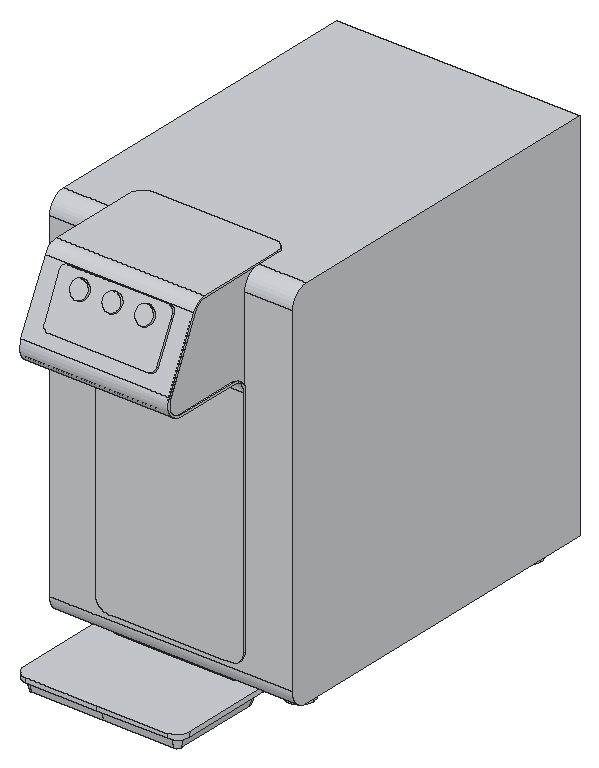
Revit family "DSBS130UVPC", category Plumbing Fixtures, Revit 2019
Family settings
  Round Connector Dimension = Use Diameter
  Part Type = Normal
  OmniClass Number = 23.45.00.00
  OmniClass Title = Sanitary, Laundry, and Cleaning Equipment
  Work Plane-Based = No
  Always vertical = Yes
  Cut with Voids When Loaded = No
  Shared = No
  Room Calculation Point = No
Parameters (values of type "DSBS130UVPC")
  Volts/Hertz = "115V/60Hz"
  Refrigerant Gas = "R134a"
  Power Consumption = "1000 W"
  Model = "DSB130UVPC"
  Manufacturer = "ELKAY"
  Hot Water Tank Capacity = ".265 gallons"
  Heater Rating = "1000 W"
  Filters = "WSF6000R"
  Description = "BLUBAR COUNTERTOP"
  Cooling Capacity = "1.5 GPH"
  BODY = Metal - Stainless Steel
Reference planes (in)
  plane 1 "Center (Front/Back)": y = 0
  plane 2: z = 0
  plane 3 "Center (Left/Right)": x = 0
Forms (in)
  Extrusion 1, solid
    sketch origin (0, 0, 0) x (1, 0, 0) y (0, 1, 0)
      loop
        circle (-4.06474, -2.15584) r 0.57
      loop
        circle (4.06474, -2.15584) r 0.57
      loop
        circle (-4.06474, 9.84416) r 0.57
      loop
        circle (4.06474, 9.84416) r 0.57
    from 0 to 0.53
  Extrusion 2, solid
    sketch origin (3.92258, -13.37925, 0) x (0, -1, 0) y (0, 0, -1)
      loop
        arc (-9.51999, -1.28) -> (-9.73966, -0.74967) -> (-10.26999, -0.53) r 0.75
        line (-10.26999, -0.53) -> (-24.64499, -0.53) -> (-24.64499, -16.405) -> (-10.26999, -16.405)
        arc (-10.26999, -16.405) -> (-9.73966, -16.18533) -> (-9.51999, -15.655) r 0.75
        line (-9.51999, -15.655) -> (-9.51999, -1.28)
    from -9.04758 to 1.20242
  Extrusion 3, solid
    sketch origin (3.9654, 13.58074, 0) x (0, -1, 0) y (0, 0, -1)
      loop
        line (16.6275, -16.405) -> (19.5481, -16.405)
        arc (19.5481, -16.405) -> (19.88012, -16.30951) -> (20.1107, -16.05223) r 0.625
        line (20.1107, -16.05223) -> (21.38086, -13.42723)
        arc (21.38086, -13.42723) -> (21.34777, -12.82297) -> (20.81826, -12.53) r 0.625
        line (20.81826, -12.53) -> (18.065, -12.53)
        arc (18.065, -12.53) -> (17.62306, -12.34694) -> (17.44, -11.905) r 0.625
        line (17.44, -11.905) -> (17.44, -15.5925)
        arc (17.44, -15.5925) -> (17.20202, -16.16702) -> (16.6275, -16.405) r 0.8125
    from -7.0279 to -0.9029
  Extrusion 4, solid
    sketch origin (5.0675, 13.58074, 0) x (0, -1, 0) y (0, 0, -1)
      loop
        line (15.19, -16.405) -> (15.19, -16.4675) -> (19.5481, -16.4675)
        arc (19.5481, -16.4675) -> (19.91333, -16.36246) -> (20.16696, -16.07945) r 0.6875
        line (20.16696, -16.07945) -> (21.43712, -13.45445)
        arc (21.43712, -13.45445) -> (21.40072, -12.78977) -> (20.81826, -12.4675) r 0.6875
        line (20.81826, -12.4675) -> (18.065, -12.4675)
        arc (18.065, -12.4675) -> (17.66725, -12.30275) -> (17.5025, -11.905) r 0.5625
        line (17.5025, -11.905) -> (17.5025, -1.53) -> (17.44, -1.53) -> (17.44, -11.905)
        arc (17.44, -11.905) -> (17.62306, -12.34694) -> (18.065, -12.53) r 0.625
        line (18.065, -12.53) -> (20.81826, -12.53)
        arc (20.81826, -12.53) -> (21.34777, -12.82297) -> (21.38086, -13.42723) r 0.625
        line (21.38086, -13.42723) -> (20.1107, -16.05223)
        arc (20.1107, -16.05223) -> (19.88012, -16.30951) -> (19.5481, -16.405) r 0.625
        line (19.5481, -16.405) -> (15.19, -16.405)
    from -8.1925 to -1.9425
  Extrusion 5, void
    sketch origin (0, 0, 0) x (1, 0, 0) y (0, 1, 0)
      loop
        line (-2.5625, -1.60926) -> (-2.5625, -1.35926) -> (-3.31095, -1.35926) -> (-3.31095, -2.17176) -> (-3.125, -2.17176)
        arc (-3.125, -2.17176) -> (-2.96025, -1.77402) -> (-2.5625, -1.60926) r 0.5625
      loop
        arc (2.5625, -1.60926) -> (2.96025, -1.77402) -> (3.125, -2.17176) r 0.5625
        line (3.125, -2.17176) -> (3.31095, -2.17176) -> (3.31095, -1.35926) -> (2.5625, -1.35926) -> (2.5625, -1.60926)
    from 16.405 to 16.58746
  Extrusion 6, void
    sketch origin (5.0675, -3.92176, 12.53) x (0, 0, 1) y (1, 0, 0)
      loop
        arc (-10.4375, -8.1925) -> (-10.83525, -8.02775) -> (-11, -7.63) r 0.5625
        line (-11, -7.63) -> (-11, -7.33323) -> (-11.14016, -7.33323) -> (-11.14016, -8.4425) -> (-10.05481, -8.4425) -> (-10.05481, -8.1925) -> (-10.4375, -8.1925)
      loop
        line (-10.4375, -1.9425) -> (-10.05481, -1.9425) -> (-10.05481, -1.6925) -> (-11.14016, -1.6925) -> (-11.14016, -2.80177) -> (-11, -2.80177) -> (-11, -2.505)
        arc (-11, -2.505) -> (-10.83525, -2.10725) -> (-10.4375, -1.9425) r 0.5625
    from 0.0625 to -0.45053
  Extrusion 7, solid
    sketch origin (5.0675, -6.4244, 16.41387) x (0, -0.435561, -0.900159) y (1, 0, 0)
      loop
        arc (0.37639, -7.1925) -> (0.44961, -7.36928) -> (0.62639, -7.4425) r 0.25
        line (0.62639, -7.4425) -> (2.50139, -7.4425)
        arc (2.50139, -7.4425) -> (2.67817, -7.36928) -> (2.75139, -7.1925) r 0.25
        line (2.75139, -7.1925) -> (2.75139, -2.9425)
        arc (2.75139, -2.9425) -> (2.67817, -2.76572) -> (2.50139, -2.6925) r 0.25
        line (2.50139, -2.6925) -> (0.62639, -2.6925)
        arc (0.62639, -2.6925) -> (0.44961, -2.76572) -> (0.37639, -2.9425) r 0.25
        line (0.37639, -2.9425) -> (0.37639, -7.1925)
    from 0 to 0.0625
  Extrusion 8, solid
    sketch origin (5.87801, -6.37516, 16.65913) x (0, -0.435561, -0.900159) y (1, 0, 0)
      loop
        circle (1.24703, -5.876) r 0.375
    from 0 to 0.09375
  Extrusion 9, solid
    sketch origin (7.25301, -6.37516, 16.65913) x (0, -0.435561, -0.900159) y (1, 0, 0)
      loop
        circle (1.24703, -5.876) r 0.375
    from 0 to 0.09375
  Extrusion 10, solid
    sketch origin (3.9654, -3.85926, 12.53) x (-1, 0, 0) y (0, 1, 0)
      loop
        circle (3.9654, -2.00163) r 0.5
    from 0 to 0.3578
  Extrusion 11, solid
    sketch origin (11.3125, 3.4197, 0.49295) x (1, 0, 0) y (0, 1, 0)
      loop
        line (-11.3125, -7.05562) -> (-13.8125, -7.05562)
        arc (-13.8125, -7.05562) -> (-13.90089, -7.01901) -> (-13.9375, -6.93062) r 0.125
        line (-13.9375, -6.93062) -> (-13.9375, -6.80562)
        arc (-13.9375, -6.80562) -> (-13.97411, -6.71723) -> (-14.0625, -6.68062) r 0.125
        line (-14.0625, -6.68062) -> (-14.6875, -6.68062)
        arc (-14.6875, -6.68062) -> (-14.77589, -6.71723) -> (-14.8125, -6.80562) r 0.125
        line (-14.8125, -6.80562) -> (-14.8125, -10.68062)
        arc (-14.8125, -10.68062) -> (-14.66605, -11.03417) -> (-14.3125, -11.18062) r 0.5
        line (-14.3125, -11.18062) -> (-11.3125, -11.18062) -> (-8.3125, -11.18062)
        arc (-8.3125, -11.18062) -> (-7.95895, -11.03417) -> (-7.8125, -10.68062) r 0.5
        line (-7.8125, -10.68062) -> (-7.8125, -6.80562)
        arc (-7.8125, -6.80562) -> (-7.84911, -6.71723) -> (-7.9375, -6.68062) r 0.125
        line (-7.9375, -6.68062) -> (-8.5625, -6.68062)
        arc (-8.5625, -6.68062) -> (-8.65089, -6.71723) -> (-8.6875, -6.80562) r 0.125
        line (-8.6875, -6.80562) -> (-8.6875, -6.93062)
        arc (-8.6875, -6.93062) -> (-8.72411, -7.01901) -> (-8.8125, -7.05562) r 0.125
        line (-8.8125, -7.05562) -> (-11.3125, -7.05562)
    from 0 to 0.1875
  Blend 12, solid
    base sketch origin (11.3125, 3.4197, 0.49295) x (1, 0, 0) y (0, 1, 0)
      loop
        arc (-13.8125, -7.24312) -> (-14.01708, -7.16685) -> (-14.12179, -6.97526) r 0.3125
        arc (-14.12179, -6.97526) -> (-14.16368, -6.89863) -> (-14.24551, -6.86812) r 0.125
        line (-14.24551, -6.86812) -> (-14.5, -6.86812)
        arc (-14.5, -6.86812) -> (-14.58839, -6.90473) -> (-14.625, -6.99312) r 0.125
        line (-14.625, -6.99312) -> (-14.625, -10.68062)
        arc (-14.625, -10.68062) -> (-14.53347, -10.90159) -> (-14.3125, -10.99312) r 0.3125
        line (-14.3125, -10.99312) -> (-11.3125, -10.99312) -> (-8.3125, -10.99312)
        arc (-8.3125, -10.99312) -> (-8.09153, -10.90159) -> (-8, -10.68062) r 0.3125
        line (-8, -10.68062) -> (-8, -6.99312)
        arc (-8, -6.99312) -> (-8.03661, -6.90473) -> (-8.125, -6.86812) r 0.125
        line (-8.125, -6.86812) -> (-8.37949, -6.86812)
        arc (-8.37949, -6.86812) -> (-8.46132, -6.89863) -> (-8.50321, -6.97526) r 0.125
        arc (-8.50321, -6.97526) -> (-8.60792, -7.16685) -> (-8.8125, -7.24312) r 0.3125
        line (-8.8125, -7.24312) -> (-11.3125, -7.24312) -> (-13.8125, -7.24312)
    top sketch origin (11.3125, 3.4197, 0.49295) x (1, 0, 0) y (0, 1, 0)
      loop
        line (-14.5, -7.11812) -> (-14.5, -10.68062)
        arc (-14.5, -10.68062) -> (-14.44508, -10.8132) -> (-14.3125, -10.86812) r 0.1875
        line (-14.3125, -10.86812) -> (-11.3125, -10.86812) -> (-8.3125, -10.86812)
        arc (-8.3125, -10.86812) -> (-8.17992, -10.8132) -> (-8.125, -10.68062) r 0.1875
        line (-8.125, -10.68062) -> (-8.125, -7.11812)
        arc (-8.125, -7.11812) -> (-8.16161, -7.02973) -> (-8.25, -6.99312) r 0.125
        line (-8.25, -6.99312) -> (-8.28217, -6.99312)
        arc (-8.28217, -6.99312) -> (-8.35434, -7.01606) -> (-8.40002, -7.07645) r 0.125
        arc (-8.40002, -7.07645) -> (-8.55991, -7.28784) -> (-8.8125, -7.36812) r 0.4375
        line (-8.8125, -7.36812) -> (-11.3125, -7.36812) -> (-13.8125, -7.36812)
        arc (-13.8125, -7.36812) -> (-14.06509, -7.28784) -> (-14.22498, -7.07645) r 0.4375
        arc (-14.22498, -7.07645) -> (-14.27066, -7.01606) -> (-14.34283, -6.99312) r 0.125
        line (-14.34283, -6.99312) -> (-14.375, -6.99312)
        arc (-14.375, -6.99312) -> (-14.46339, -7.02973) -> (-14.5, -7.11812) r 0.125
    from 0 to -0.49295
  Extrusion 13, solid
    sketch origin (4.50499, -6.37516, 16.65913) x (0, -0.435561, -0.900159) y (1, 0, 0)
      loop
        circle (1.24703, -5.876) r 0.375
    from 0 to 0.09375
Cuts and joins
  Extrusion 5 cuts Extrusion 1
  Extrusion 5, Extrusion 6 cuts Extrusion 2
  Extrusion 5, Extrusion 6 cuts Extrusion 4
Lines and regions (in)
  reference lines
    curve 1: line (0, 16.08074, 0) -> (0, -17.41926, 0)
    curve 2: line (0, 16.08074, 0.53) -> (0, -17.41926, 0.53)
    curve 3: line (-13.75, 0, 17.43) -> (14.25, 0, 17.43)
    curve 4: line (-2.3485, 0, 15.73) -> (-2.3485, 0, 23.98)
    curve 5: line (2.3715, 0, 15.23) -> (2.3715, 0, 23.98)
    curve 6: line (0, -2.91926, 19.23) -> (0, -2.91926, 21.73)
    curve 7: line (0, 15.42701, 19.76) -> (0, -18.07299, 19.76)
  model lines
    curve 8: line (-5.13, 8.73443, 1.50825) -> (-5.13, 8.73443, 3.35225)
    curve 9: line (-5.13, 8.59693, 3.41475) -> (-5.13, 8.67193, 3.41475)
    curve 10: line (-5.13, 8.59693, 1.44575) -> (-5.13, 8.67193, 1.44575)
    curve 11: line (-5.13, 8.53443, 1.50825) -> (-5.13, 8.53443, 3.35225)
    curve 12: arc (-5.13, 8.59693, 3.41475) -> (-5.13, 8.55273, 3.39644) -> (-5.13, 8.53443, 3.35225) r 0.0625
    curve 13: arc (-5.13, 8.67193, 3.41475) -> (-5.13, 8.71612, 3.39644) -> (-5.13, 8.73443, 3.35225) r 0.0625
    curve 14: arc (-5.13, 8.53443, 1.50825) -> (-5.13, 8.55273, 1.46406) -> (-5.13, 8.59693, 1.44575) r 0.0625
    curve 15: arc (-5.13, 8.67193, 1.44575) -> (-5.13, 8.71612, 1.46406) -> (-5.13, 8.73443, 1.50825) r 0.0625
    curve 16: line (-5.13, 8.31443, 1.50825) -> (-5.13, 8.31443, 3.35225)
    curve 17: line (-5.13, 8.17693, 3.41475) -> (-5.13, 8.25193, 3.41475)
    curve 18: line (-5.13, 8.17693, 1.44575) -> (-5.13, 8.25193, 1.44575)
    curve 19: line (-5.13, 8.11443, 1.50825) -> (-5.13, 8.11443, 3.35225)
    curve 20: arc (-5.13, 8.17693, 3.41475) -> (-5.13, 8.13273, 3.39644) -> (-5.13, 8.11443, 3.35225) r 0.0625
    curve 21: arc (-5.13, 8.25193, 3.41475) -> (-5.13, 8.29612, 3.39644) -> (-5.13, 8.31443, 3.35225) r 0.0625
    curve 22: arc (-5.13, 8.11443, 1.50825) -> (-5.13, 8.13273, 1.46406) -> (-5.13, 8.17693, 1.44575) r 0.0625
    curve 23: arc (-5.13, 8.25193, 1.44575) -> (-5.13, 8.29612, 1.46406) -> (-5.13, 8.31443, 1.50825) r 0.0625
    curve 24: line (-5.13, 7.89443, 1.50825) -> (-5.13, 7.89443, 3.35225)
    curve 25: line (-5.13, 7.75693, 3.41475) -> (-5.13, 7.83193, 3.41475)
    curve 26: line (-5.13, 7.75693, 1.44575) -> (-5.13, 7.83193, 1.44575)
    curve 27: line (-5.13, 7.69443, 1.50825) -> (-5.13, 7.69443, 3.35225)
    curve 28: arc (-5.13, 7.75693, 3.41475) -> (-5.13, 7.71273, 3.39644) -> (-5.13, 7.69443, 3.35225) r 0.0625
    curve 29: arc (-5.13, 7.83193, 3.41475) -> (-5.13, 7.87612, 3.39644) -> (-5.13, 7.89443, 3.35225) r 0.0625
    curve 30: arc (-5.13, 7.69443, 1.50825) -> (-5.13, 7.71273, 1.46406) -> (-5.13, 7.75693, 1.44575) r 0.0625
    curve 31: arc (-5.13, 7.83193, 1.44575) -> (-5.13, 7.87612, 1.46406) -> (-5.13, 7.89443, 1.50825) r 0.0625
    curve 32: line (-5.13, 7.47443, 1.50825) -> (-5.13, 7.47443, 3.35225)
    curve 33: line (-5.13, 7.33693, 3.41475) -> (-5.13, 7.41193, 3.41475)
    curve 34: line (-5.13, 7.33693, 1.44575) -> (-5.13, 7.41193, 1.44575)
    curve 35: line (-5.13, 7.27443, 1.50825) -> (-5.13, 7.27443, 3.35225)
    curve 36: arc (-5.13, 7.33693, 3.41475) -> (-5.13, 7.29273, 3.39644) -> (-5.13, 7.27443, 3.35225) r 0.0625
    curve 37: arc (-5.13, 7.41193, 3.41475) -> (-5.13, 7.45612, 3.39644) -> (-5.13, 7.47443, 3.35225) r 0.0625
    curve 38: arc (-5.13, 7.27443, 1.50825) -> (-5.13, 7.29273, 1.46406) -> (-5.13, 7.33693, 1.44575) r 0.0625
    curve 39: arc (-5.13, 7.41193, 1.44575) -> (-5.13, 7.45612, 1.46406) -> (-5.13, 7.47443, 1.50825) r 0.0625
    curve 40: line (-5.13, 7.05443, 1.50825) -> (-5.13, 7.05443, 3.35225)
    curve 41: line (-5.13, 6.91693, 3.41475) -> (-5.13, 6.99193, 3.41475)
    curve 42: line (-5.13, 6.91693, 1.44575) -> (-5.13, 6.99193, 1.44575)
    curve 43: line (-5.13, 6.85443, 1.50825) -> (-5.13, 6.85443, 3.35225)
    curve 44: arc (-5.13, 6.91693, 3.41475) -> (-5.13, 6.87273, 3.39644) -> (-5.13, 6.85443, 3.35225) r 0.0625
    curve 45: arc (-5.13, 6.99193, 3.41475) -> (-5.13, 7.03612, 3.39644) -> (-5.13, 7.05443, 3.35225) r 0.0625
    curve 46: arc (-5.13, 6.85443, 1.50825) -> (-5.13, 6.87273, 1.46406) -> (-5.13, 6.91693, 1.44575) r 0.0625
    curve 47: arc (-5.13, 6.99193, 1.44575) -> (-5.13, 7.03612, 1.46406) -> (-5.13, 7.05443, 1.50825) r 0.0625
    curve 48: line (-5.13, 6.63443, 1.50825) -> (-5.13, 6.63443, 3.35225)
    curve 49: line (-5.13, 6.49693, 3.41475) -> (-5.13, 6.57193, 3.41475)
    curve 50: line (-5.13, 6.49693, 1.44575) -> (-5.13, 6.57193, 1.44575)
    curve 51: line (-5.13, 6.43443, 1.50825) -> (-5.13, 6.43443, 3.35225)
    curve 52: arc (-5.13, 6.49693, 3.41475) -> (-5.13, 6.45273, 3.39644) -> (-5.13, 6.43443, 3.35225) r 0.0625
    curve 53: arc (-5.13, 6.57193, 3.41475) -> (-5.13, 6.61612, 3.39644) -> (-5.13, 6.63443, 3.35225) r 0.0625
    curve 54: arc (-5.13, 6.43443, 1.50825) -> (-5.13, 6.45273, 1.46406) -> (-5.13, 6.49693, 1.44575) r 0.0625
    curve 55: arc (-5.13, 6.57193, 1.44575) -> (-5.13, 6.61612, 1.46406) -> (-5.13, 6.63443, 1.50825) r 0.0625
    curve 56: line (-5.13, 6.21443, 1.50825) -> (-5.13, 6.21443, 3.35225)
    curve 57: line (-5.13, 6.07693, 3.41475) -> (-5.13, 6.15193, 3.41475)
    curve 58: line (-5.13, 6.07693, 1.44575) -> (-5.13, 6.15193, 1.44575)
    curve 59: line (-5.13, 6.01443, 1.50825) -> (-5.13, 6.01443, 3.35225)
    curve 60: arc (-5.13, 6.07693, 3.41475) -> (-5.13, 6.03273, 3.39644) -> (-5.13, 6.01443, 3.35225) r 0.0625
    curve 61: arc (-5.13, 6.15193, 3.41475) -> (-5.13, 6.19612, 3.39644) -> (-5.13, 6.21443, 3.35225) r 0.0625
    curve 62: arc (-5.13, 6.01443, 1.50825) -> (-5.13, 6.03273, 1.46406) -> (-5.13, 6.07693, 1.44575) r 0.0625
    curve 63: arc (-5.13, 6.15193, 1.44575) -> (-5.13, 6.19612, 1.46406) -> (-5.13, 6.21443, 1.50825) r 0.0625
    curve 64: line (-5.13, 5.79443, 1.50825) -> (-5.13, 5.79443, 3.35225)
    curve 65: line (-5.13, 5.65693, 3.41475) -> (-5.13, 5.73193, 3.41475)
    curve 66: line (-5.13, 5.65693, 1.44575) -> (-5.13, 5.73193, 1.44575)
    curve 67: line (-5.13, 5.59443, 1.50825) -> (-5.13, 5.59443, 3.35225)
    curve 68: arc (-5.13, 5.65693, 3.41475) -> (-5.13, 5.61273, 3.39644) -> (-5.13, 5.59443, 3.35225) r 0.0625
    curve 69: arc (-5.13, 5.73193, 3.41475) -> (-5.13, 5.77612, 3.39644) -> (-5.13, 5.79443, 3.35225) r 0.0625
    curve 70: arc (-5.13, 5.59443, 1.50825) -> (-5.13, 5.61273, 1.46406) -> (-5.13, 5.65693, 1.44575) r 0.0625
    curve 71: arc (-5.13, 5.73193, 1.44575) -> (-5.13, 5.77612, 1.46406) -> (-5.13, 5.79443, 1.50825) r 0.0625
    curve 72: line (-5.13, 5.37443, 1.50825) -> (-5.13, 5.37443, 3.35225)
    curve 73: line (-5.13, 5.23693, 3.41475) -> (-5.13, 5.31193, 3.41475)
    curve 74: line (-5.13, 5.23693, 1.44575) -> (-5.13, 5.31193, 1.44575)
    curve 75: line (-5.13, 5.17443, 1.50825) -> (-5.13, 5.17443, 3.35225)
    curve 76: arc (-5.13, 5.23693, 3.41475) -> (-5.13, 5.19273, 3.39644) -> (-5.13, 5.17443, 3.35225) r 0.0625
    curve 77: arc (-5.13, 5.31193, 3.41475) -> (-5.13, 5.35612, 3.39644) -> (-5.13, 5.37443, 3.35225) r 0.0625
    curve 78: arc (-5.13, 5.17443, 1.50825) -> (-5.13, 5.19273, 1.46406) -> (-5.13, 5.23693, 1.44575) r 0.0625
    curve 79: arc (-5.13, 5.31193, 1.44575) -> (-5.13, 5.35612, 1.46406) -> (-5.13, 5.37443, 1.50825) r 0.0625
    curve 80: line (-5.13, 4.95443, 1.50825) -> (-5.13, 4.95443, 3.35225)
    curve 81: line (-5.13, 4.81693, 3.41475) -> (-5.13, 4.89193, 3.41475)
    curve 82: line (-5.13, 4.81693, 1.44575) -> (-5.13, 4.89193, 1.44575)
    curve 83: line (-5.13, 4.75443, 1.50825) -> (-5.13, 4.75443, 3.35225)
    curve 84: arc (-5.13, 4.81693, 3.41475) -> (-5.13, 4.77273, 3.39644) -> (-5.13, 4.75443, 3.35225) r 0.0625
    curve 85: arc (-5.13, 4.89193, 3.41475) -> (-5.13, 4.93612, 3.39644) -> (-5.13, 4.95443, 3.35225) r 0.0625
    curve 86: arc (-5.13, 4.75443, 1.50825) -> (-5.13, 4.77273, 1.46406) -> (-5.13, 4.81693, 1.44575) r 0.0625
    curve 87: arc (-5.13, 4.89193, 1.44575) -> (-5.13, 4.93612, 1.46406) -> (-5.13, 4.95443, 1.50825) r 0.0625
    curve 88: line (-5.13, 8.73443, 3.63109) -> (-5.13, 8.73443, 5.47509)
    curve 89: line (-5.13, 8.59693, 5.53759) -> (-5.13, 8.67193, 5.53759)
    curve 90: line (-5.13, 8.59693, 3.56859) -> (-5.13, 8.67193, 3.56859)
    curve 91: line (-5.13, 8.53443, 3.63109) -> (-5.13, 8.53443, 5.47509)
    curve 92: arc (-5.13, 8.59693, 5.53759) -> (-5.13, 8.55273, 5.51929) -> (-5.13, 8.53443, 5.47509) r 0.0625
    curve 93: arc (-5.13, 8.67193, 5.53759) -> (-5.13, 8.71612, 5.51929) -> (-5.13, 8.73443, 5.47509) r 0.0625
    curve 94: arc (-5.13, 8.53443, 3.63109) -> (-5.13, 8.55273, 3.5869) -> (-5.13, 8.59693, 3.56859) r 0.0625
    curve 95: arc (-5.13, 8.67193, 3.56859) -> (-5.13, 8.71612, 3.5869) -> (-5.13, 8.73443, 3.63109) r 0.0625
    curve 96: line (-5.13, 8.31443, 3.63109) -> (-5.13, 8.31443, 5.47509)
    curve 97: line (-5.13, 8.17693, 5.53759) -> (-5.13, 8.25193, 5.53759)
    curve 98: line (-5.13, 8.17693, 3.56859) -> (-5.13, 8.25193, 3.56859)
    curve 99: line (-5.13, 8.11443, 3.63109) -> (-5.13, 8.11443, 5.47509)
    curve 100: arc (-5.13, 8.17693, 5.53759) -> (-5.13, 8.13273, 5.51929) -> (-5.13, 8.11443, 5.47509) r 0.0625
    curve 101: arc (-5.13, 8.25193, 5.53759) -> (-5.13, 8.29612, 5.51929) -> (-5.13, 8.31443, 5.47509) r 0.0625
    curve 102: arc (-5.13, 8.11443, 3.63109) -> (-5.13, 8.13273, 3.5869) -> (-5.13, 8.17693, 3.56859) r 0.0625
    curve 103: arc (-5.13, 8.25193, 3.56859) -> (-5.13, 8.29612, 3.5869) -> (-5.13, 8.31443, 3.63109) r 0.0625
    curve 104: line (-5.13, 7.89443, 3.63109) -> (-5.13, 7.89443, 5.47509)
    curve 105: line (-5.13, 7.75693, 5.53759) -> (-5.13, 7.83193, 5.53759)
    curve 106: line (-5.13, 7.75693, 3.56859) -> (-5.13, 7.83193, 3.56859)
    curve 107: line (-5.13, 7.69443, 3.63109) -> (-5.13, 7.69443, 5.47509)
    curve 108: arc (-5.13, 7.75693, 5.53759) -> (-5.13, 7.71273, 5.51929) -> (-5.13, 7.69443, 5.47509) r 0.0625
    curve 109: arc (-5.13, 7.83193, 5.53759) -> (-5.13, 7.87612, 5.51929) -> (-5.13, 7.89443, 5.47509) r 0.0625
    curve 110: arc (-5.13, 7.69443, 3.63109) -> (-5.13, 7.71273, 3.5869) -> (-5.13, 7.75693, 3.56859) r 0.0625
    curve 111: arc (-5.13, 7.83193, 3.56859) -> (-5.13, 7.87612, 3.5869) -> (-5.13, 7.89443, 3.63109) r 0.0625
    curve 112: line (-5.13, 7.47443, 3.63109) -> (-5.13, 7.47443, 5.47509)
    curve 113: line (-5.13, 7.33693, 5.53759) -> (-5.13, 7.41193, 5.53759)
    curve 114: line (-5.13, 7.33693, 3.56859) -> (-5.13, 7.41193, 3.56859)
    curve 115: line (-5.13, 7.27443, 3.63109) -> (-5.13, 7.27443, 5.47509)
    curve 116: arc (-5.13, 7.33693, 5.53759) -> (-5.13, 7.29273, 5.51929) -> (-5.13, 7.27443, 5.47509) r 0.0625
    curve 117: arc (-5.13, 7.41193, 5.53759) -> (-5.13, 7.45612, 5.51929) -> (-5.13, 7.47443, 5.47509) r 0.0625
    curve 118: arc (-5.13, 7.27443, 3.63109) -> (-5.13, 7.29273, 3.5869) -> (-5.13, 7.33693, 3.56859) r 0.0625
    curve 119: arc (-5.13, 7.41193, 3.56859) -> (-5.13, 7.45612, 3.5869) -> (-5.13, 7.47443, 3.63109) r 0.0625
    curve 120: line (-5.13, 7.05443, 3.63109) -> (-5.13, 7.05443, 5.47509)
    curve 121: line (-5.13, 6.91693, 5.53759) -> (-5.13, 6.99193, 5.53759)
    curve 122: line (-5.13, 6.91693, 3.56859) -> (-5.13, 6.99193, 3.56859)
    curve 123: line (-5.13, 6.85443, 3.63109) -> (-5.13, 6.85443, 5.47509)
    curve 124: arc (-5.13, 6.91693, 5.53759) -> (-5.13, 6.87273, 5.51929) -> (-5.13, 6.85443, 5.47509) r 0.0625
    curve 125: arc (-5.13, 6.99193, 5.53759) -> (-5.13, 7.03612, 5.51929) -> (-5.13, 7.05443, 5.47509) r 0.0625
    curve 126: arc (-5.13, 6.85443, 3.63109) -> (-5.13, 6.87273, 3.5869) -> (-5.13, 6.91693, 3.56859) r 0.0625
    curve 127: arc (-5.13, 6.99193, 3.56859) -> (-5.13, 7.03612, 3.5869) -> (-5.13, 7.05443, 3.63109) r 0.0625
    curve 128: line (-5.13, 6.63443, 3.63109) -> (-5.13, 6.63443, 5.47509)
    curve 129: line (-5.13, 6.49693, 5.53759) -> (-5.13, 6.57193, 5.53759)
    curve 130: line (-5.13, 6.49693, 3.56859) -> (-5.13, 6.57193, 3.56859)
    curve 131: line (-5.13, 6.43443, 3.63109) -> (-5.13, 6.43443, 5.47509)
    curve 132: arc (-5.13, 6.49693, 5.53759) -> (-5.13, 6.45273, 5.51929) -> (-5.13, 6.43443, 5.47509) r 0.0625
    curve 133: arc (-5.13, 6.57193, 5.53759) -> (-5.13, 6.61612, 5.51929) -> (-5.13, 6.63443, 5.47509) r 0.0625
    curve 134: arc (-5.13, 6.43443, 3.63109) -> (-5.13, 6.45273, 3.5869) -> (-5.13, 6.49693, 3.56859) r 0.0625
    curve 135: arc (-5.13, 6.57193, 3.56859) -> (-5.13, 6.61612, 3.5869) -> (-5.13, 6.63443, 3.63109) r 0.0625
    curve 136: line (-5.13, 6.21443, 3.63109) -> (-5.13, 6.21443, 5.47509)
    curve 137: line (-5.13, 6.07693, 5.53759) -> (-5.13, 6.15193, 5.53759)
    curve 138: line (-5.13, 6.07693, 3.56859) -> (-5.13, 6.15193, 3.56859)
    curve 139: line (-5.13, 6.01443, 3.63109) -> (-5.13, 6.01443, 5.47509)
    curve 140: arc (-5.13, 6.07693, 5.53759) -> (-5.13, 6.03273, 5.51929) -> (-5.13, 6.01443, 5.47509) r 0.0625
    curve 141: arc (-5.13, 6.15193, 5.53759) -> (-5.13, 6.19612, 5.51929) -> (-5.13, 6.21443, 5.47509) r 0.0625
    curve 142: arc (-5.13, 6.01443, 3.63109) -> (-5.13, 6.03273, 3.5869) -> (-5.13, 6.07693, 3.56859) r 0.0625
    curve 143: arc (-5.13, 6.15193, 3.56859) -> (-5.13, 6.19612, 3.5869) -> (-5.13, 6.21443, 3.63109) r 0.0625
    curve 144: line (-5.13, 5.79443, 3.63109) -> (-5.13, 5.79443, 5.47509)
    curve 145: line (-5.13, 5.65693, 5.53759) -> (-5.13, 5.73193, 5.53759)
    curve 146: line (-5.13, 5.65693, 3.56859) -> (-5.13, 5.73193, 3.56859)
    curve 147: line (-5.13, 5.59443, 3.63109) -> (-5.13, 5.59443, 5.47509)
    curve 148: arc (-5.13, 5.65693, 5.53759) -> (-5.13, 5.61273, 5.51929) -> (-5.13, 5.59443, 5.47509) r 0.0625
    curve 149: arc (-5.13, 5.73193, 5.53759) -> (-5.13, 5.77612, 5.51929) -> (-5.13, 5.79443, 5.47509) r 0.0625
    curve 150: arc (-5.13, 5.59443, 3.63109) -> (-5.13, 5.61273, 3.5869) -> (-5.13, 5.65693, 3.56859) r 0.0625
    curve 151: arc (-5.13, 5.73193, 3.56859) -> (-5.13, 5.77612, 3.5869) -> (-5.13, 5.79443, 3.63109) r 0.0625
    curve 152: line (-5.13, 5.37443, 3.63109) -> (-5.13, 5.37443, 5.47509)
    curve 153: line (-5.13, 5.23693, 5.53759) -> (-5.13, 5.31193, 5.53759)
    curve 154: line (-5.13, 5.23693, 3.56859) -> (-5.13, 5.31193, 3.56859)
    curve 155: line (-5.13, 5.17443, 3.63109) -> (-5.13, 5.17443, 5.47509)
    curve 156: arc (-5.13, 5.23693, 5.53759) -> (-5.13, 5.19273, 5.51929) -> (-5.13, 5.17443, 5.47509) r 0.0625
    curve 157: arc (-5.13, 5.31193, 5.53759) -> (-5.13, 5.35612, 5.51929) -> (-5.13, 5.37443, 5.47509) r 0.0625
    curve 158: arc (-5.13, 5.17443, 3.63109) -> (-5.13, 5.19273, 3.5869) -> (-5.13, 5.23693, 3.56859) r 0.0625
    curve 159: arc (-5.13, 5.31193, 3.56859) -> (-5.13, 5.35612, 3.5869) -> (-5.13, 5.37443, 3.63109) r 0.0625
    curve 160: line (-5.13, 4.95443, 3.63109) -> (-5.13, 4.95443, 5.47509)
    curve 161: line (-5.13, 4.81693, 5.53759) -> (-5.13, 4.89193, 5.53759)
    curve 162: line (-5.13, 4.81693, 3.56859) -> (-5.13, 4.89193, 3.56859)
    curve 163: line (-5.13, 4.75443, 3.63109) -> (-5.13, 4.75443, 5.47509)
    curve 164: arc (-5.13, 4.81693, 5.53759) -> (-5.13, 4.77273, 5.51929) -> (-5.13, 4.75443, 5.47509) r 0.0625
    curve 165: arc (-5.13, 4.89193, 5.53759) -> (-5.13, 4.93612, 5.51929) -> (-5.13, 4.95443, 5.47509) r 0.0625
    curve 166: arc (-5.13, 4.75443, 3.63109) -> (-5.13, 4.77273, 3.5869) -> (-5.13, 4.81693, 3.56859) r 0.0625
    curve 167: arc (-5.13, 4.89193, 3.56859) -> (-5.13, 4.93612, 3.5869) -> (-5.13, 4.95443, 3.63109) r 0.0625
    curve 168: line (-5.13, 8.73443, 5.75394) -> (-5.13, 8.73443, 7.59794)
    curve 169: line (-5.13, 8.59693, 7.66044) -> (-5.13, 8.67193, 7.66044)
    curve 170: line (-5.13, 8.59693, 5.69144) -> (-5.13, 8.67193, 5.69144)
    curve 171: line (-5.13, 8.53443, 5.75394) -> (-5.13, 8.53443, 7.59794)
    curve 172: arc (-5.13, 8.59693, 7.66044) -> (-5.13, 8.55273, 7.64213) -> (-5.13, 8.53443, 7.59794) r 0.0625
    curve 173: arc (-5.13, 8.67193, 7.66044) -> (-5.13, 8.71612, 7.64213) -> (-5.13, 8.73443, 7.59794) r 0.0625
    curve 174: arc (-5.13, 8.53443, 5.75394) -> (-5.13, 8.55273, 5.70974) -> (-5.13, 8.59693, 5.69144) r 0.0625
    curve 175: arc (-5.13, 8.67193, 5.69144) -> (-5.13, 8.71612, 5.70974) -> (-5.13, 8.73443, 5.75394) r 0.0625
    curve 176: line (-5.13, 8.31443, 5.75394) -> (-5.13, 8.31443, 7.59794)
    curve 177: line (-5.13, 8.17693, 7.66044) -> (-5.13, 8.25193, 7.66044)
    curve 178: line (-5.13, 8.17693, 5.69144) -> (-5.13, 8.25193, 5.69144)
    curve 179: line (-5.13, 8.11443, 5.75394) -> (-5.13, 8.11443, 7.59794)
    curve 180: arc (-5.13, 8.17693, 7.66044) -> (-5.13, 8.13273, 7.64213) -> (-5.13, 8.11443, 7.59794) r 0.0625
    curve 181: arc (-5.13, 8.25193, 7.66044) -> (-5.13, 8.29612, 7.64213) -> (-5.13, 8.31443, 7.59794) r 0.0625
    curve 182: arc (-5.13, 8.11443, 5.75394) -> (-5.13, 8.13273, 5.70974) -> (-5.13, 8.17693, 5.69144) r 0.0625
    curve 183: arc (-5.13, 8.25193, 5.69144) -> (-5.13, 8.29612, 5.70974) -> (-5.13, 8.31443, 5.75394) r 0.0625
    curve 184: line (-5.13, 7.89443, 5.75394) -> (-5.13, 7.89443, 7.59794)
    curve 185: line (-5.13, 7.75693, 7.66044) -> (-5.13, 7.83193, 7.66044)
    curve 186: line (-5.13, 7.75693, 5.69144) -> (-5.13, 7.83193, 5.69144)
    curve 187: line (-5.13, 7.69443, 5.75394) -> (-5.13, 7.69443, 7.59794)
    curve 188: arc (-5.13, 7.75693, 7.66044) -> (-5.13, 7.71273, 7.64213) -> (-5.13, 7.69443, 7.59794) r 0.0625
    curve 189: arc (-5.13, 7.83193, 7.66044) -> (-5.13, 7.87612, 7.64213) -> (-5.13, 7.89443, 7.59794) r 0.0625
    curve 190: arc (-5.13, 7.69443, 5.75394) -> (-5.13, 7.71273, 5.70974) -> (-5.13, 7.75693, 5.69144) r 0.0625
    curve 191: arc (-5.13, 7.83193, 5.69144) -> (-5.13, 7.87612, 5.70974) -> (-5.13, 7.89443, 5.75394) r 0.0625
    curve 192: line (-5.13, 7.47443, 5.75394) -> (-5.13, 7.47443, 7.59794)
    curve 193: line (-5.13, 7.33693, 7.66044) -> (-5.13, 7.41193, 7.66044)
    curve 194: line (-5.13, 7.33693, 5.69144) -> (-5.13, 7.41193, 5.69144)
    curve 195: line (-5.13, 7.27443, 5.75394) -> (-5.13, 7.27443, 7.59794)
    curve 196: arc (-5.13, 7.33693, 7.66044) -> (-5.13, 7.29273, 7.64213) -> (-5.13, 7.27443, 7.59794) r 0.0625
    curve 197: arc (-5.13, 7.41193, 7.66044) -> (-5.13, 7.45612, 7.64213) -> (-5.13, 7.47443, 7.59794) r 0.0625
    curve 198: arc (-5.13, 7.27443, 5.75394) -> (-5.13, 7.29273, 5.70974) -> (-5.13, 7.33693, 5.69144) r 0.0625
    curve 199: arc (-5.13, 7.41193, 5.69144) -> (-5.13, 7.45612, 5.70974) -> (-5.13, 7.47443, 5.75394) r 0.0625
    curve 200: line (-5.13, 7.05443, 5.75394) -> (-5.13, 7.05443, 7.59794)
    curve 201: line (-5.13, 6.91693, 7.66044) -> (-5.13, 6.99193, 7.66044)
    curve 202: line (-5.13, 6.91693, 5.69144) -> (-5.13, 6.99193, 5.69144)
    curve 203: line (-5.13, 6.85443, 5.75394) -> (-5.13, 6.85443, 7.59794)
    curve 204: arc (-5.13, 6.91693, 7.66044) -> (-5.13, 6.87273, 7.64213) -> (-5.13, 6.85443, 7.59794) r 0.0625
    curve 205: arc (-5.13, 6.99193, 7.66044) -> (-5.13, 7.03612, 7.64213) -> (-5.13, 7.05443, 7.59794) r 0.0625
    curve 206: arc (-5.13, 6.85443, 5.75394) -> (-5.13, 6.87273, 5.70974) -> (-5.13, 6.91693, 5.69144) r 0.0625
    curve 207: arc (-5.13, 6.99193, 5.69144) -> (-5.13, 7.03612, 5.70974) -> (-5.13, 7.05443, 5.75394) r 0.0625
    curve 208: line (-5.13, 6.63443, 5.75394) -> (-5.13, 6.63443, 7.59794)
    curve 209: line (-5.13, 6.49693, 7.66044) -> (-5.13, 6.57193, 7.66044)
    curve 210: line (-5.13, 6.49693, 5.69144) -> (-5.13, 6.57193, 5.69144)
    curve 211: line (-5.13, 6.43443, 5.75394) -> (-5.13, 6.43443, 7.59794)
    curve 212: arc (-5.13, 6.49693, 7.66044) -> (-5.13, 6.45273, 7.64213) -> (-5.13, 6.43443, 7.59794) r 0.0625
    curve 213: arc (-5.13, 6.57193, 7.66044) -> (-5.13, 6.61612, 7.64213) -> (-5.13, 6.63443, 7.59794) r 0.0625
    curve 214: arc (-5.13, 6.43443, 5.75394) -> (-5.13, 6.45273, 5.70974) -> (-5.13, 6.49693, 5.69144) r 0.0625
    curve 215: arc (-5.13, 6.57193, 5.69144) -> (-5.13, 6.61612, 5.70974) -> (-5.13, 6.63443, 5.75394) r 0.0625
    curve 216: line (-5.13, 6.21443, 5.75394) -> (-5.13, 6.21443, 7.59794)
    curve 217: line (-5.13, 6.07693, 7.66044) -> (-5.13, 6.15193, 7.66044)
    curve 218: line (-5.13, 6.07693, 5.69144) -> (-5.13, 6.15193, 5.69144)
    curve 219: line (-5.13, 6.01443, 5.75394) -> (-5.13, 6.01443, 7.59794)
    curve 220: arc (-5.13, 6.07693, 7.66044) -> (-5.13, 6.03273, 7.64213) -> (-5.13, 6.01443, 7.59794) r 0.0625
    curve 221: arc (-5.13, 6.15193, 7.66044) -> (-5.13, 6.19612, 7.64213) -> (-5.13, 6.21443, 7.59794) r 0.0625
    curve 222: arc (-5.13, 6.01443, 5.75394) -> (-5.13, 6.03273, 5.70974) -> (-5.13, 6.07693, 5.69144) r 0.0625
    curve 223: arc (-5.13, 6.15193, 5.69144) -> (-5.13, 6.19612, 5.70974) -> (-5.13, 6.21443, 5.75394) r 0.0625
    curve 224: line (-5.13, 5.79443, 5.75394) -> (-5.13, 5.79443, 7.59794)
    curve 225: line (-5.13, 5.65693, 7.66044) -> (-5.13, 5.73193, 7.66044)
    curve 226: line (-5.13, 5.65693, 5.69144) -> (-5.13, 5.73193, 5.69144)
    curve 227: line (-5.13, 5.59443, 5.75394) -> (-5.13, 5.59443, 7.59794)
    curve 228: arc (-5.13, 5.65693, 7.66044) -> (-5.13, 5.61273, 7.64213) -> (-5.13, 5.59443, 7.59794) r 0.0625
    curve 229: arc (-5.13, 5.73193, 7.66044) -> (-5.13, 5.77612, 7.64213) -> (-5.13, 5.79443, 7.59794) r 0.0625
    curve 230: arc (-5.13, 5.59443, 5.75394) -> (-5.13, 5.61273, 5.70974) -> (-5.13, 5.65693, 5.69144) r 0.0625
    curve 231: arc (-5.13, 5.73193, 5.69144) -> (-5.13, 5.77612, 5.70974) -> (-5.13, 5.79443, 5.75394) r 0.0625
    curve 232: line (-5.13, 5.37443, 5.75394) -> (-5.13, 5.37443, 7.59794)
    curve 233: line (-5.13, 5.23693, 7.66044) -> (-5.13, 5.31193, 7.66044)
    curve 234: line (-5.13, 5.23693, 5.69144) -> (-5.13, 5.31193, 5.69144)
    curve 235: line (-5.13, 5.17443, 5.75394) -> (-5.13, 5.17443, 7.59794)
    curve 236: arc (-5.13, 5.23693, 7.66044) -> (-5.13, 5.19273, 7.64213) -> (-5.13, 5.17443, 7.59794) r 0.0625
    curve 237: arc (-5.13, 5.31193, 7.66044) -> (-5.13, 5.35612, 7.64213) -> (-5.13, 5.37443, 7.59794) r 0.0625
    curve 238: arc (-5.13, 5.17443, 5.75394) -> (-5.13, 5.19273, 5.70974) -> (-5.13, 5.23693, 5.69144) r 0.0625
    curve 239: arc (-5.13, 5.31193, 5.69144) -> (-5.13, 5.35612, 5.70974) -> (-5.13, 5.37443, 5.75394) r 0.0625
    curve 240: line (-5.13, 4.95443, 5.75394) -> (-5.13, 4.95443, 7.59794)
    curve 241: line (-5.13, 4.81693, 7.66044) -> (-5.13, 4.89193, 7.66044)
    curve 242: line (-5.13, 4.81693, 5.69144) -> (-5.13, 4.89193, 5.69144)
    curve 243: line (-5.13, 4.75443, 5.75394) -> (-5.13, 4.75443, 7.59794)
    curve 244: arc (-5.13, 4.81693, 7.66044) -> (-5.13, 4.77273, 7.64213) -> (-5.13, 4.75443, 7.59794) r 0.0625
    curve 245: arc (-5.13, 4.89193, 7.66044) -> (-5.13, 4.93612, 7.64213) -> (-5.13, 4.95443, 7.59794) r 0.0625
    curve 246: arc (-5.13, 4.75443, 5.75394) -> (-5.13, 4.77273, 5.70974) -> (-5.13, 4.81693, 5.69144) r 0.0625
    curve 247: arc (-5.13, 4.89193, 5.69144) -> (-5.13, 4.93612, 5.70974) -> (-5.13, 4.95443, 5.75394) r 0.0625
    curve 248: line (-5.13, 8.73443, 7.87678) -> (-5.13, 8.73443, 9.72078)
    curve 249: line (-5.13, 8.59693, 9.78328) -> (-5.13, 8.67193, 9.78328)
    curve 250: line (-5.13, 8.59693, 7.81428) -> (-5.13, 8.67193, 7.81428)
    curve 251: line (-5.13, 8.53443, 7.87678) -> (-5.13, 8.53443, 9.72078)
    curve 252: arc (-5.13, 8.59693, 9.78328) -> (-5.13, 8.55273, 9.76497) -> (-5.13, 8.53443, 9.72078) r 0.0625
    curve 253: arc (-5.13, 8.67193, 9.78328) -> (-5.13, 8.71612, 9.76497) -> (-5.13, 8.73443, 9.72078) r 0.0625
    curve 254: arc (-5.13, 8.53443, 7.87678) -> (-5.13, 8.55273, 7.83258) -> (-5.13, 8.59693, 7.81428) r 0.0625
    curve 255: arc (-5.13, 8.67193, 7.81428) -> (-5.13, 8.71612, 7.83258) -> (-5.13, 8.73443, 7.87678) r 0.0625
    curve 256: line (-5.13, 8.31443, 7.87678) -> (-5.13, 8.31443, 9.72078)
    curve 257: line (-5.13, 8.17693, 9.78328) -> (-5.13, 8.25193, 9.78328)
    curve 258: line (-5.13, 8.17693, 7.81428) -> (-5.13, 8.25193, 7.81428)
    curve 259: line (-5.13, 8.11443, 7.87678) -> (-5.13, 8.11443, 9.72078)
    curve 260: arc (-5.13, 8.17693, 9.78328) -> (-5.13, 8.13273, 9.76497) -> (-5.13, 8.11443, 9.72078) r 0.0625
    curve 261: arc (-5.13, 8.25193, 9.78328) -> (-5.13, 8.29612, 9.76497) -> (-5.13, 8.31443, 9.72078) r 0.0625
    curve 262: arc (-5.13, 8.11443, 7.87678) -> (-5.13, 8.13273, 7.83258) -> (-5.13, 8.17693, 7.81428) r 0.0625
    curve 263: arc (-5.13, 8.25193, 7.81428) -> (-5.13, 8.29612, 7.83258) -> (-5.13, 8.31443, 7.87678) r 0.0625
    curve 264: line (-5.13, 7.89443, 7.87678) -> (-5.13, 7.89443, 9.72078)
    curve 265: line (-5.13, 7.75693, 9.78328) -> (-5.13, 7.83193, 9.78328)
    curve 266: line (-5.13, 7.75693, 7.81428) -> (-5.13, 7.83193, 7.81428)
    curve 267: line (-5.13, 7.69443, 7.87678) -> (-5.13, 7.69443, 9.72078)
    curve 268: arc (-5.13, 7.75693, 9.78328) -> (-5.13, 7.71273, 9.76497) -> (-5.13, 7.69443, 9.72078) r 0.0625
    curve 269: arc (-5.13, 7.83193, 9.78328) -> (-5.13, 7.87612, 9.76497) -> (-5.13, 7.89443, 9.72078) r 0.0625
    curve 270: arc (-5.13, 7.69443, 7.87678) -> (-5.13, 7.71273, 7.83258) -> (-5.13, 7.75693, 7.81428) r 0.0625
    curve 271: arc (-5.13, 7.83193, 7.81428) -> (-5.13, 7.87612, 7.83258) -> (-5.13, 7.89443, 7.87678) r 0.0625
    curve 272: line (-5.13, 7.47443, 7.87678) -> (-5.13, 7.47443, 9.72078)
    curve 273: line (-5.13, 7.33693, 9.78328) -> (-5.13, 7.41193, 9.78328)
    curve 274: line (-5.13, 7.33693, 7.81428) -> (-5.13, 7.41193, 7.81428)
    curve 275: line (-5.13, 7.27443, 7.87678) -> (-5.13, 7.27443, 9.72078)
    curve 276: arc (-5.13, 7.33693, 9.78328) -> (-5.13, 7.29273, 9.76497) -> (-5.13, 7.27443, 9.72078) r 0.0625
    curve 277: arc (-5.13, 7.41193, 9.78328) -> (-5.13, 7.45612, 9.76497) -> (-5.13, 7.47443, 9.72078) r 0.0625
    curve 278: arc (-5.13, 7.27443, 7.87678) -> (-5.13, 7.29273, 7.83258) -> (-5.13, 7.33693, 7.81428) r 0.0625
    curve 279: arc (-5.13, 7.41193, 7.81428) -> (-5.13, 7.45612, 7.83258) -> (-5.13, 7.47443, 7.87678) r 0.0625
    curve 280: line (-5.13, 7.05443, 7.87678) -> (-5.13, 7.05443, 9.72078)
    curve 281: line (-5.13, 6.91693, 9.78328) -> (-5.13, 6.99193, 9.78328)
    curve 282: line (-5.13, 6.91693, 7.81428) -> (-5.13, 6.99193, 7.81428)
    curve 283: line (-5.13, 6.85443, 7.87678) -> (-5.13, 6.85443, 9.72078)
    curve 284: arc (-5.13, 6.91693, 9.78328) -> (-5.13, 6.87273, 9.76497) -> (-5.13, 6.85443, 9.72078) r 0.0625
    curve 285: arc (-5.13, 6.99193, 9.78328) -> (-5.13, 7.03612, 9.76497) -> (-5.13, 7.05443, 9.72078) r 0.0625
    curve 286: arc (-5.13, 6.85443, 7.87678) -> (-5.13, 6.87273, 7.83258) -> (-5.13, 6.91693, 7.81428) r 0.0625
    curve 287: arc (-5.13, 6.99193, 7.81428) -> (-5.13, 7.03612, 7.83258) -> (-5.13, 7.05443, 7.87678) r 0.0625
    curve 288: line (-5.13, 6.63443, 7.87678) -> (-5.13, 6.63443, 9.72078)
    curve 289: line (-5.13, 6.49693, 9.78328) -> (-5.13, 6.57193, 9.78328)
    curve 290: line (-5.13, 6.49693, 7.81428) -> (-5.13, 6.57193, 7.81428)
    curve 291: line (-5.13, 6.43443, 7.87678) -> (-5.13, 6.43443, 9.72078)
    curve 292: arc (-5.13, 6.49693, 9.78328) -> (-5.13, 6.45273, 9.76497) -> (-5.13, 6.43443, 9.72078) r 0.0625
    curve 293: arc (-5.13, 6.57193, 9.78328) -> (-5.13, 6.61612, 9.76497) -> (-5.13, 6.63443, 9.72078) r 0.0625
    curve 294: arc (-5.13, 6.43443, 7.87678) -> (-5.13, 6.45273, 7.83258) -> (-5.13, 6.49693, 7.81428) r 0.0625
    curve 295: arc (-5.13, 6.57193, 7.81428) -> (-5.13, 6.61612, 7.83258) -> (-5.13, 6.63443, 7.87678) r 0.0625
    curve 296: line (-5.13, 6.21443, 7.87678) -> (-5.13, 6.21443, 9.72078)
    curve 297: line (-5.13, 6.07693, 9.78328) -> (-5.13, 6.15193, 9.78328)
    curve 298: line (-5.13, 6.07693, 7.81428) -> (-5.13, 6.15193, 7.81428)
    curve 299: line (-5.13, 6.01443, 7.87678) -> (-5.13, 6.01443, 9.72078)
    curve 300: arc (-5.13, 6.07693, 9.78328) -> (-5.13, 6.03273, 9.76497) -> (-5.13, 6.01443, 9.72078) r 0.0625
    curve 301: arc (-5.13, 6.15193, 9.78328) -> (-5.13, 6.19612, 9.76497) -> (-5.13, 6.21443, 9.72078) r 0.0625
    curve 302: arc (-5.13, 6.01443, 7.87678) -> (-5.13, 6.03273, 7.83258) -> (-5.13, 6.07693, 7.81428) r 0.0625
    curve 303: arc (-5.13, 6.15193, 7.81428) -> (-5.13, 6.19612, 7.83258) -> (-5.13, 6.21443, 7.87678) r 0.0625
    curve 304: line (-5.13, 5.79443, 7.87678) -> (-5.13, 5.79443, 9.72078)
    curve 305: line (-5.13, 5.65693, 9.78328) -> (-5.13, 5.73193, 9.78328)
    curve 306: line (-5.13, 5.65693, 7.81428) -> (-5.13, 5.73193, 7.81428)
    curve 307: line (-5.13, 5.59443, 7.87678) -> (-5.13, 5.59443, 9.72078)
    curve 308: arc (-5.13, 5.65693, 9.78328) -> (-5.13, 5.61273, 9.76497) -> (-5.13, 5.59443, 9.72078) r 0.0625
    curve 309: arc (-5.13, 5.73193, 9.78328) -> (-5.13, 5.77612, 9.76497) -> (-5.13, 5.79443, 9.72078) r 0.0625
    curve 310: arc (-5.13, 5.59443, 7.87678) -> (-5.13, 5.61273, 7.83258) -> (-5.13, 5.65693, 7.81428) r 0.0625
    curve 311: arc (-5.13, 5.73193, 7.81428) -> (-5.13, 5.77612, 7.83258) -> (-5.13, 5.79443, 7.87678) r 0.0625
    curve 312: line (-5.13, 5.37443, 7.87678) -> (-5.13, 5.37443, 9.72078)
    curve 313: line (-5.13, 5.23693, 9.78328) -> (-5.13, 5.31193, 9.78328)
    curve 314: line (-5.13, 5.23693, 7.81428) -> (-5.13, 5.31193, 7.81428)
    curve 315: line (-5.13, 5.17443, 7.87678) -> (-5.13, 5.17443, 9.72078)
    curve 316: arc (-5.13, 5.23693, 9.78328) -> (-5.13, 5.19273, 9.76497) -> (-5.13, 5.17443, 9.72078) r 0.0625
    curve 317: arc (-5.13, 5.31193, 9.78328) -> (-5.13, 5.35612, 9.76497) -> (-5.13, 5.37443, 9.72078) r 0.0625
    curve 318: arc (-5.13, 5.17443, 7.87678) -> (-5.13, 5.19273, 7.83258) -> (-5.13, 5.23693, 7.81428) r 0.0625
    curve 319: arc (-5.13, 5.31193, 7.81428) -> (-5.13, 5.35612, 7.83258) -> (-5.13, 5.37443, 7.87678) r 0.0625
    curve 320: line (-5.13, 4.95443, 7.87678) -> (-5.13, 4.95443, 9.72078)
    curve 321: line (-5.13, 4.81693, 9.78328) -> (-5.13, 4.89193, 9.78328)
    curve 322: line (-5.13, 4.81693, 7.81428) -> (-5.13, 4.89193, 7.81428)
    curve 323: line (-5.13, 4.75443, 7.87678) -> (-5.13, 4.75443, 9.72078)
    curve 324: arc (-5.13, 4.81693, 9.78328) -> (-5.13, 4.77273, 9.76497) -> (-5.13, 4.75443, 9.72078) r 0.0625
    curve 325: arc (-5.13, 4.89193, 9.78328) -> (-5.13, 4.93612, 9.76497) -> (-5.13, 4.95443, 9.72078) r 0.0625
    curve 326: arc (-5.13, 4.75443, 7.87678) -> (-5.13, 4.77273, 7.83258) -> (-5.13, 4.81693, 7.81428) r 0.0625
    curve 327: arc (-5.13, 4.89193, 7.81428) -> (-5.13, 4.93612, 7.83258) -> (-5.13, 4.95443, 7.87678) r 0.0625
    curve 328: line (-3.125, -6.58622, 16.07945) -> (3.125, -6.58622, 16.07945)
    curve 329: line (2.125, -6.67183, 16.04602) -> (-2.125, -6.67183, 16.04602)
    curve 330: line (-2.3125, -6.75349, 15.87724) -> (-2.3125, -7.57017, 14.18945)
    curve 331: line (-2.125, -7.65184, 14.02067) -> (2.125, -7.65184, 14.02067)
    curve 332: line (2.3125, -7.57017, 14.18945) -> (2.3125, -6.75349, 15.87724)
    curve 333: arc (-2.125, -6.67183, 16.04602) -> (-2.25758, -6.69575, 15.99659) -> (-2.3125, -6.75349, 15.87724) r 0.1875
    curve 334: arc (2.125, -6.67183, 16.04602) -> (2.25758, -6.69575, 15.99659) -> (2.3125, -6.75349, 15.87724) r 0.1875
    curve 335: arc (-2.125, -7.65184, 14.02067) -> (-2.25758, -7.62792, 14.0701) -> (-2.3125, -7.57017, 14.18945) r 0.1875
    curve 336: arc (2.125, -7.65184, 14.02067) -> (2.25758, -7.62792, 14.0701) -> (2.3125, -7.57017, 14.18945) r 0.1875
    curve 337: line (-0.43549, -6.70262, 15.98238) -> (0.43951, -6.70262, 15.98238)
    curve 338: line (-0.56049, -7.57195, 14.18576) -> (-0.56049, -6.75706, 15.86986)
    curve 339: line (0.43951, -7.6264, 14.07324) -> (-0.43549, -7.6264, 14.07324)
    curve 340: line (0.56451, -6.75706, 15.86986) -> (0.56451, -7.57195, 14.18576)
    curve 341: arc (-0.43549, -6.70262, 15.98238) -> (-0.52388, -6.71857, 15.94943) -> (-0.56049, -6.75706, 15.86986) r 0.125
    curve 342: arc (-0.56049, -7.57195, 14.18576) -> (-0.52388, -7.61045, 14.1062) -> (-0.43549, -7.6264, 14.07324) r 0.125
    curve 343: arc (0.43951, -7.6264, 14.07324) -> (0.5279, -7.61045, 14.1062) -> (0.56451, -7.57195, 14.18576) r 0.125
    curve 344: arc (0.43951, -6.70262, 15.98238) -> (0.5279, -6.71857, 15.94943) -> (0.56451, -6.75706, 15.86986) r 0.125
    curve 345: line (0.93951, -6.70262, 15.98238) -> (1.81451, -6.70262, 15.98238)
    curve 346: line (0.81451, -7.57195, 14.18576) -> (0.81451, -6.75706, 15.86986)
    curve 347: line (1.81451, -7.6264, 14.07324) -> (0.93951, -7.6264, 14.07324)
    curve 348: line (1.93951, -6.75706, 15.86986) -> (1.93951, -7.57195, 14.18576)
    curve 349: arc (0.93951, -6.70262, 15.98238) -> (0.85112, -6.71857, 15.94943) -> (0.81451, -6.75706, 15.86986) r 0.125
    curve 350: arc (0.81451, -7.57195, 14.18576) -> (0.85112, -7.61045, 14.1062) -> (0.93951, -7.6264, 14.07324) r 0.125
    curve 351: arc (1.81451, -7.6264, 14.07324) -> (1.9029, -7.61045, 14.1062) -> (1.93951, -7.57195, 14.18576) r 0.125
    curve 352: arc (1.81451, -6.70262, 15.98238) -> (1.9029, -6.71857, 15.94943) -> (1.93951, -6.75706, 15.86986) r 0.125
    curve 353: line (-0.12299, -7.32164, 14.70308) -> (0.12701, -7.32164, 14.70308)
    curve 354: line (-0.24799, -7.48497, 14.36552) -> (-0.24799, -7.37608, 14.59056)
    curve 355: line (0.12701, -7.53942, 14.253) -> (-0.12299, -7.53942, 14.253)
    curve 356: line (0.25201, -7.37608, 14.59056) -> (0.25201, -7.48497, 14.36552)
    curve 357: arc (-0.12299, -7.32164, 14.70308) -> (-0.21138, -7.33758, 14.67013) -> (-0.24799, -7.37608, 14.59056) r 0.125
    curve 358: arc (-0.24799, -7.48497, 14.36552) -> (-0.21138, -7.52347, 14.28596) -> (-0.12299, -7.53942, 14.253) r 0.125
    curve 359: arc (0.12701, -7.53942, 14.253) -> (0.2154, -7.52347, 14.28596) -> (0.25201, -7.48497, 14.36552) r 0.125
    curve 360: arc (0.25201, -7.37608, 14.59056) -> (0.2154, -7.33758, 14.67013) -> (0.12701, -7.32164, 14.70308) r 0.125
    curve 361: line (1.25201, -7.32164, 14.70308) -> (1.50201, -7.32164, 14.70308)
    curve 362: line (1.12701, -7.48497, 14.36552) -> (1.12701, -7.37608, 14.59056)
    curve 363: line (1.50201, -7.53942, 14.253) -> (1.25201, -7.53942, 14.253)
    curve 364: line (1.62701, -7.37608, 14.59056) -> (1.62701, -7.48497, 14.36552)
    curve 365: arc (1.25201, -7.32164, 14.70308) -> (1.16362, -7.33758, 14.67013) -> (1.12701, -7.37608, 14.59056) r 0.125
    curve 366: arc (1.12701, -7.48497, 14.36552) -> (1.16362, -7.52347, 14.28596) -> (1.25201, -7.53942, 14.253) r 0.125
    curve 367: arc (1.50201, -7.53942, 14.253) -> (1.5904, -7.52347, 14.28596) -> (1.62701, -7.48497, 14.36552) r 0.125
    curve 368: arc (1.62701, -7.37608, 14.59056) -> (1.5904, -7.33758, 14.67013) -> (1.50201, -7.32164, 14.70308) r 0.125
    curve 369: line (-5.125, -2.35926, 16.405) -> (5.125, -2.35926, 16.405)
    curve 370: line (-4.5625, -2.35926, 16.405) -> (-4.5625, 11.26574, 16.405)
    curve 371: line (4.5625, -2.35926, 16.405) -> (4.5625, 11.26574, 16.405)
    curve 372: line (5.125, -2.35926, 16.405) -> (5.125, -2.35926, 0.53)
    curve 373: line (-5.125, -2.35926, 16.405) -> (-5.125, -2.35926, 0.53)
    curve 374: line (-3.0625, -5.86089, 12.53) -> (3.0625, -5.86089, 12.53)
    curve 375: line (-0.03125, -7.51092, 0.68045) -> (0.03125, -7.51092, 0.68045)
    curve 376: line (-0.09375, -7.44842, 0.68045) -> (-0.09375, -6.69842, 0.68045)
    curve 377: line (-0.03125, -6.63592, 0.68045) -> (0.03125, -6.63592, 0.68045)
    curve 378: line (0.09375, -6.69842, 0.68045) -> (0.09375, -7.44842, 0.68045)
    curve 379: arc (0.03125, -6.63592, 0.68045) -> (0.07544, -6.65423, 0.68045) -> (0.09375, -6.69842, 0.68045) r 0.0625
    curve 380: arc (-0.03125, -6.63592, 0.68045) -> (-0.07544, -6.65423, 0.68045) -> (-0.09375, -6.69842, 0.68045) r 0.0625
    curve 381: arc (-0.09375, -7.44842, 0.68045) -> (-0.07544, -7.49261, 0.68045) -> (-0.03125, -7.51092, 0.68045) r 0.0625
    curve 382: arc (0.03125, -7.51092, 0.68045) -> (0.07544, -7.49261, 0.68045) -> (0.09375, -7.44842, 0.68045) r 0.0625
    curve 383: line (-0.34947, -7.51092, 0.68045) -> (-0.28697, -7.51092, 0.68045)
    curve 384: line (-0.41197, -7.44842, 0.68045) -> (-0.41197, -6.69842, 0.68045)
    curve 385: line (-0.34947, -6.63592, 0.68045) -> (-0.28697, -6.63592, 0.68045)
    curve 386: line (-0.22447, -6.69842, 0.68045) -> (-0.22447, -7.44842, 0.68045)
    curve 387: arc (-0.28697, -6.63592, 0.68045) -> (-0.24277, -6.65423, 0.68045) -> (-0.22447, -6.69842, 0.68045) r 0.0625
    curve 388: arc (-0.34947, -6.63592, 0.68045) -> (-0.39366, -6.65423, 0.68045) -> (-0.41197, -6.69842, 0.68045) r 0.0625
    curve 389: arc (-0.41197, -7.44842, 0.68045) -> (-0.39366, -7.49261, 0.68045) -> (-0.34947, -7.51092, 0.68045) r 0.0625
    curve 390: arc (-0.28697, -7.51092, 0.68045) -> (-0.24277, -7.49261, 0.68045) -> (-0.22447, -7.44842, 0.68045) r 0.0625
    curve 391: line (-0.66769, -7.51092, 0.68045) -> (-0.60519, -7.51092, 0.68045)
    curve 392: line (-0.73019, -7.44842, 0.68045) -> (-0.73019, -6.69842, 0.68045)
    curve 393: line (-0.66769, -6.63592, 0.68045) -> (-0.60519, -6.63592, 0.68045)
    curve 394: line (-0.54269, -6.69842, 0.68045) -> (-0.54269, -7.44842, 0.68045)
    curve 395: arc (-0.60519, -6.63592, 0.68045) -> (-0.56099, -6.65423, 0.68045) -> (-0.54269, -6.69842, 0.68045) r 0.0625
    curve 396: arc (-0.66769, -6.63592, 0.68045) -> (-0.71188, -6.65423, 0.68045) -> (-0.73019, -6.69842, 0.68045) r 0.0625
    curve 397: arc (-0.73019, -7.44842, 0.68045) -> (-0.71188, -7.49261, 0.68045) -> (-0.66769, -7.51092, 0.68045) r 0.0625
    curve 398: arc (-0.60519, -7.51092, 0.68045) -> (-0.56099, -7.49261, 0.68045) -> (-0.54269, -7.44842, 0.68045) r 0.0625
    curve 399: line (-0.9859, -7.51092, 0.68045) -> (-0.9234, -7.51092, 0.68045)
    curve 400: line (-1.0484, -7.44842, 0.68045) -> (-1.0484, -6.69842, 0.68045)
    curve 401: line (-0.9859, -6.63592, 0.68045) -> (-0.9234, -6.63592, 0.68045)
    curve 402: line (-0.8609, -6.69842, 0.68045) -> (-0.8609, -7.44842, 0.68045)
    curve 403: arc (-0.9234, -6.63592, 0.68045) -> (-0.87921, -6.65423, 0.68045) -> (-0.8609, -6.69842, 0.68045) r 0.0625
    curve 404: arc (-0.9859, -6.63592, 0.68045) -> (-1.0301, -6.65423, 0.68045) -> (-1.0484, -6.69842, 0.68045) r 0.0625
    curve 405: arc (-1.0484, -7.44842, 0.68045) -> (-1.0301, -7.49261, 0.68045) -> (-0.9859, -7.51092, 0.68045) r 0.0625
    curve 406: arc (-0.9234, -7.51092, 0.68045) -> (-0.87921, -7.49261, 0.68045) -> (-0.8609, -7.44842, 0.68045) r 0.0625
    curve 407: line (-1.30412, -7.51092, 0.68045) -> (-1.24162, -7.51092, 0.68045)
    curve 408: line (-1.36662, -7.44842, 0.68045) -> (-1.36662, -6.69842, 0.68045)
    curve 409: line (-1.30412, -6.63592, 0.68045) -> (-1.24162, -6.63592, 0.68045)
    curve 410: line (-1.17912, -6.69842, 0.68045) -> (-1.17912, -7.44842, 0.68045)
    curve 411: arc (-1.24162, -6.63592, 0.68045) -> (-1.19743, -6.65423, 0.68045) -> (-1.17912, -6.69842, 0.68045) r 0.0625
    curve 412: arc (-1.30412, -6.63592, 0.68045) -> (-1.34832, -6.65423, 0.68045) -> (-1.36662, -6.69842, 0.68045) r 0.0625
    curve 413: arc (-1.36662, -7.44842, 0.68045) -> (-1.34832, -7.49261, 0.68045) -> (-1.30412, -7.51092, 0.68045) r 0.0625
    curve 414: arc (-1.24162, -7.51092, 0.68045) -> (-1.19743, -7.49261, 0.68045) -> (-1.17912, -7.44842, 0.68045) r 0.0625
    curve 415: line (-1.62234, -7.51092, 0.68045) -> (-1.55984, -7.51092, 0.68045)
    curve 416: line (-1.68484, -7.44842, 0.68045) -> (-1.68484, -6.69842, 0.68045)
    curve 417: line (-1.62234, -6.63592, 0.68045) -> (-1.55984, -6.63592, 0.68045)
    curve 418: line (-1.49734, -6.69842, 0.68045) -> (-1.49734, -7.44842, 0.68045)
    curve 419: arc (-1.55984, -6.63592, 0.68045) -> (-1.51565, -6.65423, 0.68045) -> (-1.49734, -6.69842, 0.68045) r 0.0625
    curve 420: arc (-1.62234, -6.63592, 0.68045) -> (-1.66654, -6.65423, 0.68045) -> (-1.68484, -6.69842, 0.68045) r 0.0625
    curve 421: arc (-1.68484, -7.44842, 0.68045) -> (-1.66654, -7.49261, 0.68045) -> (-1.62234, -7.51092, 0.68045) r 0.0625
    curve 422: arc (-1.55984, -7.51092, 0.68045) -> (-1.51565, -7.49261, 0.68045) -> (-1.49734, -7.44842, 0.68045) r 0.0625
    curve 423: line (0.34947, -7.51092, 0.68045) -> (0.28697, -7.51092, 0.68045)
    curve 424: line (0.41197, -7.44842, 0.68045) -> (0.41197, -6.69842, 0.68045)
    curve 425: line (0.34947, -6.63592, 0.68045) -> (0.28697, -6.63592, 0.68045)
    curve 426: line (0.22447, -6.69842, 0.68045) -> (0.22447, -7.44842, 0.68045)
